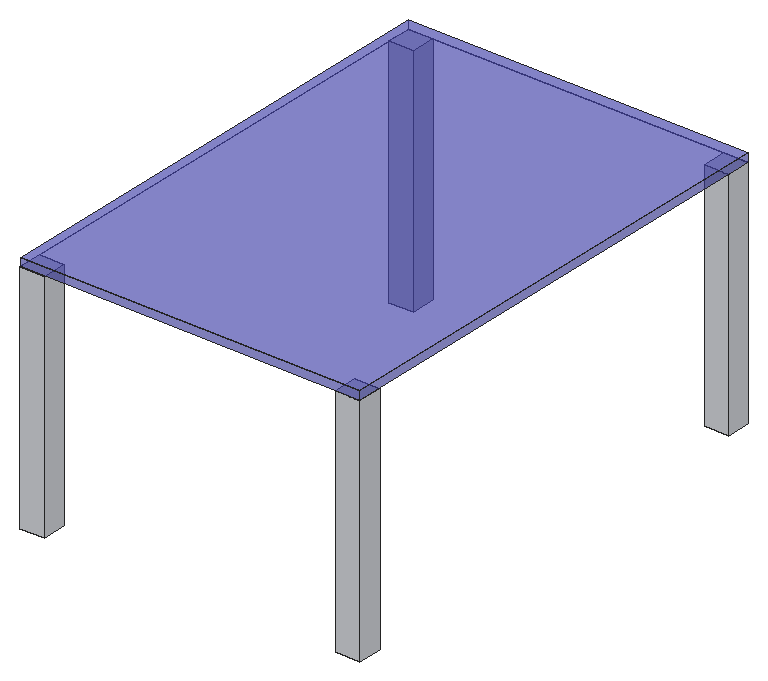
Revit family
Parameters
  Spessore Tavolo = 35 mm
  Profondità = 2000 mm
  Piano Tavolo = Default
  Larghezza = 1400 mm
  Altezza Tavolo = 1000 mm
Reference planes
  plane 1 "Centro (Fronte/Retro)": y = 0
  plane 2: z = 0
  plane 3 "Centro (Sinistra/Destra)": x = 0
  plane 4: x = -700
  plane 5: x = 700
  plane 6: y = 1000
  plane 7: y = -1000
  plane 8: z = 1000
  plane 9: z = 965
  plane 10: x = -600
  plane 11: x = 600
  plane 12: y = 900
  plane 13: y = -900
Forms (mm)
  Extrusion 1, solid, material "Default" <- "Piano Tavolo"
    sketch origin (0, 0, 0) x (1, 0, 0) y (0, 1, 0)
      loop
        line (-700, 1000) -> (-700, -1000) -> (700, -1000) -> (700, 1000) -> (-700, 1000)
    from 965 to 1000
  Extrusion 2, solid
    sketch origin (0, 0, 0) x (1, 0, 0) y (0, 1, 0)
      loop
        line (-700, 1000) -> (-700, 900) -> (-600, 900) -> (-600, 1000) -> (-700, 1000)
      loop
        line (600, 1000) -> (600, 900) -> (700, 900) -> (700, 1000) -> (600, 1000)
      loop
        line (-700, -900) -> (-700, -1000) -> (-600, -1000) -> (-600, -900) -> (-700, -900)
      loop
        line (600, -900) -> (600, -1000) -> (700, -1000) -> (700, -900) -> (600, -900)
    from 0 to 965
Dimensions and locks
  equal spacing: plane 4, plane 3 "Centro (Sinistra/Destra)", plane 5
  "Larghezza": plane 4 to plane 5
  equal spacing: plane 6, plane 1 "Centro (Fronte/Retro)", plane 7
  "Profondità": plane 6 to plane 7
  "Altezza Tavolo": plane 8 to level
  "Spessore Tavolo": plane 8 to plane 9
  locked: plane 6 to plane 12 at 100
  locked: plane 13 to plane 7 at 100
  locked: plane 4 to plane 10 at 100
  locked: plane 11 to plane 5 at 100
  aligned and locked: Extrusion 1 sketch curve to plane 6
  aligned and locked: plane 4 to Extrusion 1 sketch curve
  aligned and locked: plane 7 to Extrusion 1 sketch curve
  aligned and locked: Extrusion 1 sketch curve to plane 5
  aligned and locked: plane 8 to Extrusion 1
  aligned and locked: Extrusion 1 to plane 9
  aligned and locked: Extrusion 2 sketch curve to plane 6  (x2)
  aligned and locked: plane 4 to Extrusion 2 sketch curve  (x2)
  aligned and locked: plane 12 to Extrusion 2 sketch curve  (x2)
  aligned and locked: Extrusion 2 sketch curve to plane 10  (x2)
  aligned and locked: plane 11 to Extrusion 2 sketch curve  (x2)
  aligned and locked: Extrusion 2 sketch curve to plane 5  (x2)
  aligned and locked: Extrusion 2 sketch curve to plane 13  (x2)
  aligned and locked: plane 7 to Extrusion 2 sketch curve  (x2)
  aligned and locked: Extrusion 2 to Extrusion 1
